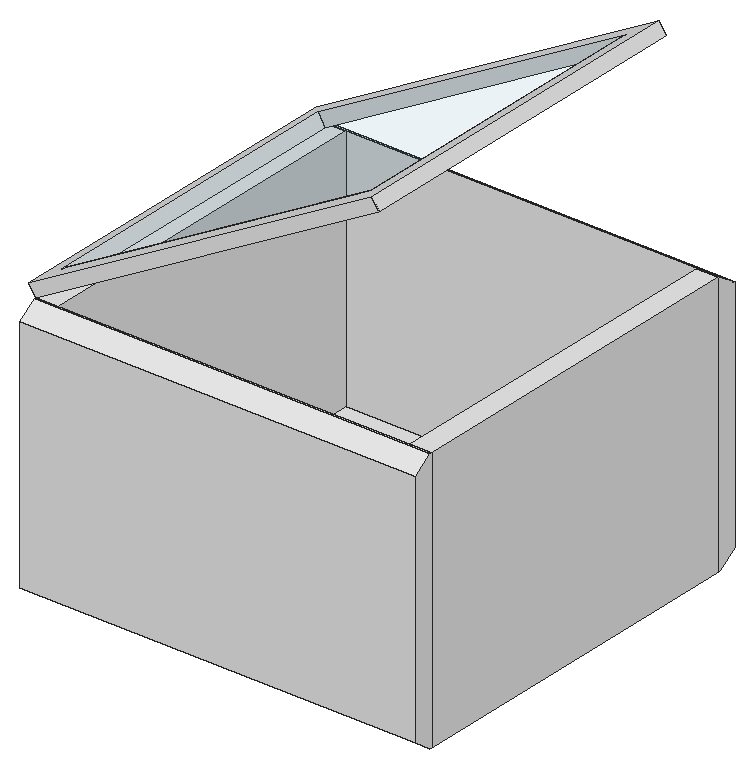
Revit family "Domotics-NetworkCabling-GEWISS-CABINETS_WALL-MOUNTED_19_12U_D400", category Apparecchi elettrici, host Superficie, Revit 2019
Family settings
  Host = Superficie
  Mantenere orientamento annotazione = Sì
  Quota connettore circolare = Usa diametro
  Tipo di parte = Normale
  Taglio con vuoti quando caricato = No
  Condiviso = No
  Punto di calcolo locali = Sì
Parameters (values of type "GW38408 - WALL CABINET 19 12U DEPTH 400MM.")
  simbolo in pianta [instance] = yes
  Visibilità sportello [instance] = yes
  Version file RFA = "21.2"
  URL = "https://www.gewiss.com/ww/en"
  Type of door = "Reversible"
  Technical sheet = "https://www.gewiss.com/ww/en/search?q=GW38408"
  Static load capacity = "50KG"
  SEO = "Board"
  Realized by GEWISS S.p.A. = ""
  Default Elevation = 1219.2 mm
  Produttore = "GEWISS S.p.A."
  Potenza quadro = 0 V
  Outer dim. LxHxD (mm) = "600x605x400"
  Nome quadro [instance] = "n.quadro"
  No. uprights = "2"
  N_poli = 1
  Modello = "GW38408"
  Material = "Steel"
  Immagine tipo = B.jpg
  IP degree = "IP20"
  IDT = "601a335b6a224bb6a86d85924b08be06"
  IDF = "1b5b25df-0790-44a8-97b3-88640d171cf5"
  Finishing = "Textured"
  Electrocod = "3752"
  Door opening = "180°"
  Distanza_x [instance] = -380.34 mm
  Distanza simbolo [instance] = 0.5 mm
  Distanza effettiva x [instance] = 1000 mm - Distanza_x  # 1380.34 mm
  Descrizione = "WALL CABINET 19 12U DEPTH 400MM."
  Depth (mm) = "400 mm"
  Colour = "Grey (RAL 7035)"
  Category = "19” wall-mount cabinet"
  Catalogue = "DOMOTICS"
  Cabling unity = "12 U"
  COBie.Tagnumber = ""
  COBie.CreatedOn = ""
  COBie.CreatebBy = ""
  COBie.ComponentRegisterItemID = ""
  COBie.Component.TagNumber = ""
  COBie.Component.Space = ""
  COBie.Component.SerialNumber = ""
  COBie.Component.InstallationDate = ""
  COBie.Component.Description = ""
  COBie.Component.BarCode = ""
  Apertura [instance] = 30.00°
Reference planes
  plane 1 "Centro (Fronte/Retro)": y = 0
  plane 2: z = 0
  plane 3 "Centro (Sinistra/Destra)": x = 0
  plane 4: x = -1380.34
  plane 5: x = 0
Forms (mm)
  Extrusion 1, solid, detail levels coarse
    sketch origin (0, 0, 0) x (1, 0, 0) y (0, 1, 0)
      loop
        line (0, -4.25) -> (600, -4.25) -> (600, 609) -> (0, 609) -> (0, -4.25)
    from 0 to 400
Dimensions and locks
  plane 4 to plane 3 "Centro (Sinistra/Destra)" = 1380.34 mm
  "Distanza effettiva x": plane 4 to plane 5
  aligned and locked: host face to plane 2
  aligned and locked: host face to level
  aligned and locked: nested 1 to plane 5
  aligned and locked: plane 3 "Centro (Sinistra/Destra)" to nested 2
  aligned and locked: plane 1 "Centro (Fronte/Retro)" to nested 2
  aligned and locked: nested 2 to Extrusion 1 sketch curve
  aligned and locked: Extrusion 1 sketch curve to nested 2  (x3)
  aligned and locked: Extrusion 1 to nested 2
Automatic sketch dimensions
  host sketch curve to host sketch curve = 3398.537 mm
  host sketch curve to host sketch curve = 3619.2 mm
Nested families
  nested 1: "DATACENTERsimbolo" at (0, 911.19, 0), Distanza dal muro <- "Distanza simbolo", SIMBOLO ACCESO <- "simbolo in pianta", visible <- "simbolo in pianta", type "3P"
    with SIMBOLO ACCESO yes, Distanza dal muro 0.5 mm
  nested 2: "QUADRO DA PARETE 1912U P_400mm_base" at (0, 0, 0), Visibilità sportello <- "Visibilità sportello", type "QUADRO DA PARETE 1912U P_400mm_base", detail levels medium+fine
Connectors
  electrical at (300, 605, 200), driven by "Potenza quadro", driven by "N_poli"
    settings: on nested 2, index 1, voltage 0 V, apparent load 0 VA, apparent load phase1 0 VA, apparent load phase2 0 VA, apparent load phase3 0 VA, power factor 1, load classification "Altro", number of poles 1, system type 31, power factor state 1, is connector primary yes, connector utility no, sub classification motor no, connector description ""
Definition of nested family "QUADRO DA PARETE 1912U P_400mm_base"
  Parameters (values of type "QUADRO DA PARETE 1912U P_400mm_base")
    s = 30.00°
    d_piano = 0 mm
    Visibilità sportello [instance] = yes
    Vetro = none
    Struttura = none
    Sportlello = none
    Profondità quadro = 400 mm  # constant formula
    Larghezza quadro = 600 mm  # constant formula
    Altezza quadro = 605 mm  # constant formula
  Reference planes
    plane 1 "Centro (Fronte/Retro)": y = 0
    plane 2: z = 0
    plane 3 "Centro (Sinistra/Destra)": x = 0
    plane 4: z = 0
    plane 5: z = 26
    plane 6: z = 376
    plane 7: z = 400
    plane 8 "posizione": y = 30
    plane 9: y = 575
    plane 10: y = 605
    plane 11: x = 600
    plane 12: x = 34
    plane 13: x = 566
    plane 14: y = -4.25
    plane 15: y = 609
    plane 16: z = 375.1
    plane 17: z = 345.6
    plane 18: x = 69.137
    plane 19: z = 57.064
    plane 20: z = 555.625
  Forms (mm)
    Extrusion 1, solid, material <- "Struttura"
      sketch origin (0, 0, 0) x (0, 1, 0) y (0, 0, 1)
        loop
          line (30, 400) -> (30, 0) -> (575, 0) -> (575, 400) -> (30, 400)
      from 0 to 34
    Extrusion 2, solid, material <- "Struttura"
      sketch origin (612, 0, 0) x (0, 1, 0) y (0, 0, -1)
        loop
          line (30, -400) -> (575, -400) -> (575, 0) -> (30, 0) -> (30, -400)
      from 12 to 46
    Extrusion 3, solid, material <- "Struttura"
      sketch origin (0, 0, 0) x (0, 1, 0) y (0, 0, 1)
        loop
          line (30, 0) -> (30, 400) -> (27.558, 400) -> (0, 380.704) -> (0, 19.296) -> (27.558, 0) -> (30, 0)
        loop
          line (575, 0) -> (577.442, 0) -> (605, 19.296) -> (605, 380.704) -> (577.442, 400) -> (575, 400) -> (575, 0)
      from 0 to 600
    Extrusion 4, solid, material <- "Struttura"
      sketch origin (0, 0, 0) x (1, 0, 0) y (0, 1, 0)
        loop
          line (34, 575) -> (34, 30) -> (566, 30) -> (566, 575) -> (34, 575)
      from 0 to 26
    Extrusion 5, solid, material <- "Sportlello", visible <- "Visibilità sportello"
      sketch origin (731.334, 0, 822.236) x (-0.866025, 0, -0.5) y (0, -1, 0)
        loop
          line (844.471, -30) -> (244.471, -30) -> (244.471, -575) -> (844.471, -575) -> (844.471, -30)
        loop
          line (274.471, -545) -> (814.471, -545) -> (814.471, -60) -> (274.471, -60) -> (274.471, -545)
      from 0 to 20
    Extrusion 6, solid, material <- "Vetro", visible <- "Visibilità sportello"
      sketch origin (731.334, 0, 822.236) x (-0.866025, 0, -0.5) y (0, -1, 0)
        loop
          line (814.471, -60) -> (274.471, -60) -> (274.471, -545) -> (814.471, -545) -> (814.471, -60)
      from 0 to 20
  Lines and regions (mm)
    reference lines
      curve 1: line (731.334, 0, 822.236) -> (0, 0, 400)
  Dimensions and locks
    locked: plane 5 to plane 4 at 26
    locked: plane 7 to plane 6 at 24
    "Profondità quadro": plane 7 to plane 4
    "d_piano": plane 4 to plane 2
    locked: plane 1 "Centro (Fronte/Retro)" to plane 8 "posizione" at 30
    locked: plane 9 to plane 10 at 30
    "Altezza quadro": plane 1 "Centro (Fronte/Retro)" to plane 10
    "Larghezza quadro": plane 3 "Centro (Sinistra/Destra)" to plane 11
    locked: plane 3 "Centro (Sinistra/Destra)" to plane 12 at 34
    locked: plane 13 to plane 11 at 34
    plane 9 to Extrusion 2 = 545 mm
    locked: plane 14 to plane 1 "Centro (Fronte/Retro)" at 4.25
    locked: plane 10 to plane 15 at 4
    locked: plane 17 to plane 16 at 29.5
    locked: plane 16 to plane 7 at 24.9
    locked: plane 19 to plane 5 at 31.064
    plane 3 "Centro (Sinistra/Destra)" to Extrusion 4 = 566 mm
    locked: Extrusion 5 sketch curve to curve 1 at 30
    "Larghezza quadro": Extrusion 5 sketch curve to Extrusion 5 sketch curve
    locked: Extrusion 5 sketch curve to Extrusion 5 sketch curve at 30  (x4)
    "s": angle plane 7 to curve 1
    aligned and locked: Extrusion 1 sketch curve to plane 7
    aligned and locked: Extrusion 1 sketch curve to plane 4
    aligned and locked: Extrusion 1 sketch curve to plane 8 "posizione"
    aligned and locked: Extrusion 1 sketch curve to plane 9
    aligned and locked: Extrusion 1 to plane 3 "Centro (Sinistra/Destra)"
    aligned and locked: plane 12 to Extrusion 1
    aligned and locked: plane 13 to Extrusion 2
    aligned and locked: Extrusion 2 to plane 11
    aligned and locked: Extrusion 2 to plane 4
    aligned and locked: plane 7 to Extrusion 2
    aligned and locked: Extrusion 3 sketch curve to plane 8 "posizione"
    aligned and locked: Extrusion 3 sketch curve to plane 7
    aligned and locked: Extrusion 3 sketch curve to plane 1 "Centro (Fronte/Retro)"
    aligned and locked: Extrusion 3 sketch curve to plane 10
    aligned and locked: Extrusion 3 sketch curve to plane 9
    aligned and locked: plane 7 to Extrusion 3 sketch curve
    aligned and locked: Extrusion 3 sketch curve to plane 4
    aligned and locked: Extrusion 3 to plane 3 "Centro (Sinistra/Destra)"
    aligned and locked: Extrusion 3 to plane 11
    aligned and locked: Extrusion 4 sketch curve to plane 12
    aligned and locked: Extrusion 4 sketch curve to plane 9
    aligned and locked: Extrusion 4 sketch curve to plane 8 "posizione"
    aligned and locked: Extrusion 4 sketch curve to plane 13
    aligned and locked: plane 5 to Extrusion 4
    aligned and locked: Extrusion 4 to plane 4
    aligned and locked: curve 1 to Extrusion 3
    aligned and locked: Extrusion 6 sketch curve to Extrusion 5  (x3)
    aligned and locked: Extrusion 5 sketch curve to Extrusion 3
  Automatic sketch dimensions
    plane 7 to Extrusion 2 sketch curve = 0 mm
    Extrusion 2 sketch curve to plane 8 "posizione" = 0 mm
    Extrusion 2 sketch curve to plane 4 = 0 mm
    Extrusion 2 sketch curve to plane 9 = 0 mm
    plane 8 "posizione" to Extrusion 3 sketch curve = 2.442 mm  (x2)
    Extrusion 3 sketch curve to plane 9 = 2.442 mm  (x2)
    Extrusion 3 sketch curve to plane 5 = 6.704 mm  (x2)
    plane 6 to Extrusion 3 sketch curve = 4.704 mm  (x2)
    Extrusion 3 sketch curve to plane 4 = 0 mm
    Extrusion 6 sketch curve to curve 1 = 30 mm
    Extrusion 5 sketch curve to curve 1 = 0 mm
    curve 1 to plane 3 "Centro (Sinistra/Destra)" = 0 mm
    curve 1 to plane 7 = 0 mm
Definition of nested family "DATACENTERsimbolo"
  Parameters (values of type "3P")
    SIMBOLO ACCESO [instance] = yes
    Distanza dal muro [instance] = 0 mm
  Reference planes
    plane 1: y = 0
    plane 2: x = 0
  Dimensions and locks
    "Distanza dal muro": plane 1 to nested 1
    aligned and locked: plane 2 to nested 1
  Nested families
    nested 1: "DATACENTERsimbolo.base" at (0, 0, 0), type "3P"
      with CORNICE SIMBOLO yes
  Definition of nested family "DATACENTERsimbolo.base"
    Parameters (values of type "3P")
      Testo = ""
      CORNICE SIMBOLO [instance] = yes
      3P = yes
    Reference planes
      plane 1: y = 0
      plane 2: x = 0
    Lines and regions (mm)
      detail lines
        curve 1: line (6.852, 3.426, 0) -> (8.859, 3.426, 0)
        curve 2: line (8.859, 3.426, 0) -> (8.859, 0, 0)
        curve 3: line (8.859, 0, 0) -> (6.852, 0, 0)
        curve 4: line (6.852, 0, 0) -> (0, 3.426, 0)
        curve 5: line (0, 3.426, 0) -> (3.027, 3.426, 0)
        curve 6: line (3.027, 3.426, 0) -> (6.852, 3.426, 0)
        curve 7: line (6.852, 3.426, 0) -> (6.852, 0, 0)
        curve 8: line (6.852, 0, 0) -> (0, 0, 0)
        curve 9: line (0, 0, 0) -> (0, 3.426, 0)
        curve 10: line (7.856, 1.713, 0) -> (7.856, 2.67, 0)
        curve 11: line (8.526, 0.756, 0) -> (8.526, 1.713, 0)
        curve 12: line (8.526, 1.713, 0) -> (7.185, 1.713, 0)
        curve 13: line (7.185, 1.713, 0) -> (7.185, 0.756, 0)
    Text (mm)
      label "RJ" at (7.87, 1.29, 0), shows "Testo"
    Nested families
      nested 1: "testo_simb" at (7.89, 1.134, 0), type "3P"
        with SIMBOLO ACCESO yes, Distanza dal muro 0 mm
      nested 2: "testo_simb" at (7.855, 0, 0), type "3P"
        with SIMBOLO ACCESO yes, Distanza dal muro 0 mm
      nested 3: "testo_simb" at (7.855, 0, 0), type "3P"
        with SIMBOLO ACCESO yes, Distanza dal muro 0 mm
      nested 4: "testo_simb" at (7.855, 0, 0), type "3P"
        with SIMBOLO ACCESO yes, Distanza dal muro 0 mm
      nested 5: "testo_simb" at (7.855, 0, 0), type "3P"
        with SIMBOLO ACCESO yes, Distanza dal muro 0 mm
    Definition of nested family "testo_simb"
      Parameters (values of type "3P")
        testo simb = ""
        SIMBOLO ACCESO [instance] = yes
        Distanza dal muro [instance] = 0 mm
      Reference planes
        plane 1: y = 0
        plane 2: x = 0
      Text (mm)
        label "RJ" at (0.02, 0.123, 0), shows "testo simb"
